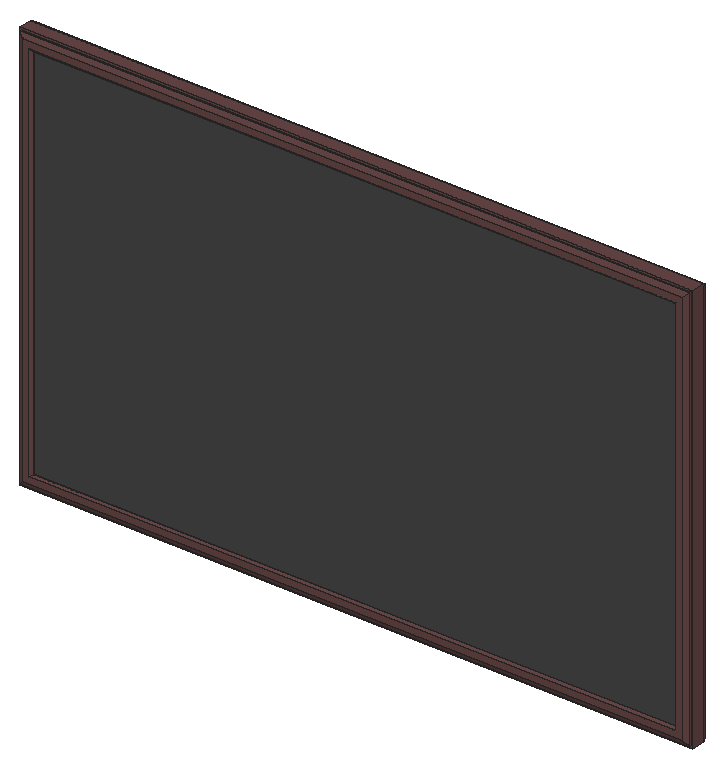
Revit family
Parameters
  폭 = 1531 mm
  높이 = 932 mm
  깊이 = 50 mm
  Assembly Code = ""
Reference planes
  plane 1 "Center (Front/Back)": y = 0
  plane 2: z = 0
  plane 3 "Center (Left/Right)": x = 0
  plane 4 "left": x = -765.5
  plane 5 "right": x = 765.5
  plane 6 "front": y = -25
  plane 7 "back": y = 25
  plane 8 "top": z = 932
Forms (mm)
  Sweep 1, solid, material "테두리"
    path origin (0, 0, 0) x (1, 0, 0) y (0, 0, 1)
      loop
        line (-765.5, 932) -> (-765.5, 0) -> (765.5, 0) -> (765.5, 932) -> (-765.5, 932)
    profile origin (0, 0, 932) x (0, 0, 1) y (0, -1, 0)
      loop
        line (-15, 25) -> (-30, 25) -> (-35.155, 19.845) -> (-35.155, -25) -> (-5.155, -25) -> (0, -16.072) -> (0, 13.928) -> (-4.483, 13.928) -> (-4.483, 18.928) -> (-15, 25)
  Extrusion 2, solid, material "액정"
    sketch origin (0, 0, 0) x (1, 0, 0) y (0, 1, 0)
      loop
        line (-730.345, 25) -> (-730.345, -18.928) -> (730.345, -18.928) -> (730.345, 25) -> (-730.345, 25)
    from 35.155 to 896.845
Dimensions and locks
  "깊이": plane 6 "front" to plane 7 "back"
  equal spacing: plane 6 "front", plane 1 "Center (Front/Back)", plane 7 "back"
  "높이": plane 8 "top" to level
  "폭": plane 4 "left" to plane 5 "right"
  equal spacing: plane 4 "left", plane 3 "Center (Left/Right)", plane 5 "right"
  aligned and locked: plane 4 "left" to Sweep 1 sketch curve
  aligned and locked: Sweep 1 sketch curve to plane 8 "top"
  aligned and locked: level to Sweep 1 sketch curve
  aligned and locked: Sweep 1 sketch curve to plane 5 "right"
  aligned and locked: Extrusion 2 sketch curve to Sweep 1  (x3)
  aligned and locked: Sweep 1 to Extrusion 2 sketch curve
  aligned and locked: Extrusion 2 to Sweep 1  (x2)
Automatic sketch dimensions
  Sweep 1 sketch curve to profile plane = 0 mm
  Sweep 1 sketch curve to Sweep 1 sketch curve = 4.483 mm
  profile plane to Sweep 1 sketch curve = 5.155 mm
  Sweep 1 sketch curve to Sweep 1 sketch curve = 10.517 mm
  Sweep 1 sketch curve to Sweep 1 sketch curve = 15 mm
  Sweep 1 sketch curve to Sweep 1 sketch curve = 30 mm
  Sweep 1 sketch curve to plane 1 "Center (Front/Back)" = 25 mm
  Sweep 1 sketch curve to Sweep 1 sketch curve = 8.928 mm
  plane 1 "Center (Front/Back)" to Sweep 1 sketch curve = 13.928 mm
  Sweep 1 sketch curve to Sweep 1 sketch curve = 5 mm
  plane 1 "Center (Front/Back)" to Sweep 1 sketch curve = 19.845 mm
  Sweep 1 sketch curve to Sweep 1 sketch curve = 5.155 mm
